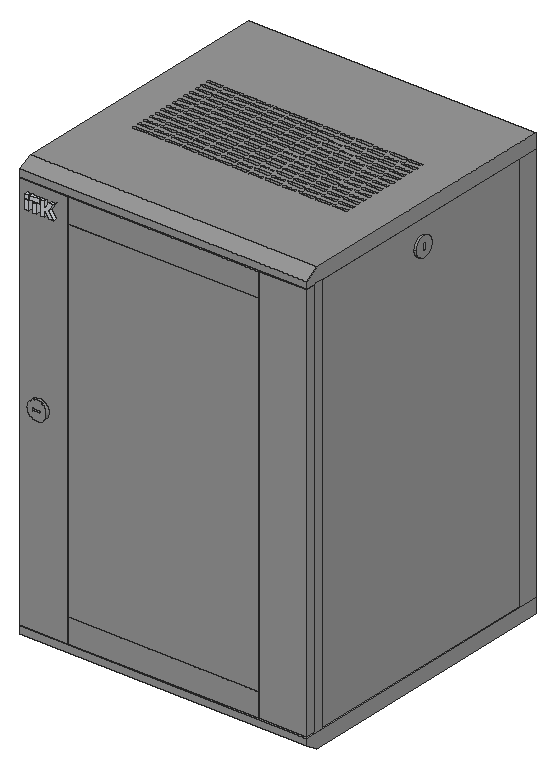
Revit family "Шкафы ITK серия W с перфорированной дверью", category Электрооборудование, Revit 2016 (continued)
Definition of nested family "Основание_2шт"
  Forms (mm)
    Extrusion 101, void
      sketch origin (204.408, -147.111, 0) x (1, 0, 0) y (0, 1, 0)
        loop
          line (-216.941, 136.256) -> (-191.874, 136.256)
          arc (-191.874, 136.256) -> (-188.461, 139.668) -> (-191.874, 143.081) r 3.413
      from 250 to 1000
    Extrusion 102, void
      sketch origin (204.408, -162.111, 0) x (1, 0, 0) y (0, 1, 0)
        loop
          line (-191.874, 143.081) -> (-216.941, 143.081)
          arc (-216.941, 143.081) -> (-220.354, 139.668) -> (-216.941, 136.256) r 3.413
          line (-216.941, 136.256) -> (-191.874, 136.256)
          arc (-191.874, 136.256) -> (-188.461, 139.668) -> (-191.874, 143.081) r 3.413
      from 250 to 1000
    Extrusion 103, void
      sketch origin (204.408, -177.111, 0) x (1, 0, 0) y (0, 1, 0)
        loop
          line (-191.874, 143.081) -> (-216.941, 143.081)
          arc (-216.941, 143.081) -> (-220.354, 139.668) -> (-216.941, 136.256) r 3.413
          line (-216.941, 136.256) -> (-191.874, 136.256)
          arc (-191.874, 136.256) -> (-188.461, 139.668) -> (-191.874, 143.081) r 3.413
      from 250 to 1000
    Extrusion 104, void
      sketch origin (204.408, -192.111, 0) x (1, 0, 0) y (0, 1, 0)
        loop
          line (-191.874, 143.081) -> (-216.941, 143.081)
          arc (-216.941, 143.081) -> (-220.354, 139.668) -> (-216.941, 136.256) r 3.413
          line (-216.941, 136.256) -> (-191.874, 136.256)
          arc (-191.874, 136.256) -> (-188.461, 139.668) -> (-191.874, 143.081) r 3.413
      from 250 to 1000
    Extrusion 105, void
      sketch origin (204.408, -207.111, 0) x (1, 0, 0) y (0, 1, 0)
        loop
          line (-191.874, 143.081) -> (-216.941, 143.081)
          arc (-216.941, 143.081) -> (-220.354, 139.668) -> (-216.941, 136.256) r 3.413
          line (-216.941, 136.256) -> (-191.874, 136.256)
          arc (-191.874, 136.256) -> (-188.461, 139.668) -> (-191.874, 143.081) r 3.413
      from 250 to 1000
    Extrusion 106, void
      sketch origin (204.408, -222.111, 0) x (1, 0, 0) y (0, 1, 0)
        loop
          line (-191.874, 143.081) -> (-216.941, 143.081)
          arc (-216.941, 143.081) -> (-220.354, 139.668) -> (-216.941, 136.256) r 3.413
          line (-216.941, 136.256) -> (-191.874, 136.256)
          arc (-191.874, 136.256) -> (-188.461, 139.668) -> (-191.874, 143.081) r 3.413
      from 250 to 1000
    Extrusion 107, void
      sketch origin (204.408, -237.111, 0) x (1, 0, 0) y (0, 1, 0)
        loop
          line (-191.874, 143.081) -> (-216.941, 143.081)
          arc (-216.941, 143.081) -> (-220.354, 139.668) -> (-216.941, 136.256) r 3.413
          line (-216.941, 136.256) -> (-191.874, 136.256)
          arc (-191.874, 136.256) -> (-188.461, 139.668) -> (-191.874, 143.081) r 3.413
      from 250 to 1000
    Extrusion 108, void
      sketch origin (239.408, -57.111, 0) x (1, 0, 0) y (0, 1, 0)
        loop
          line (-191.874, 143.081) -> (-216.941, 143.081)
          arc (-216.941, 143.081) -> (-220.354, 139.668) -> (-216.941, 136.256) r 3.413
          line (-216.941, 136.256) -> (-191.874, 136.256)
          arc (-191.874, 136.256) -> (-188.461, 139.668) -> (-191.874, 143.081) r 3.413
      from 250 to 1000
    Extrusion 109, void
      sketch origin (239.408, -72.111, 0) x (1, 0, 0) y (0, 1, 0)
        loop
          line (-191.874, 143.081) -> (-216.941, 143.081)
          arc (-216.941, 143.081) -> (-220.354, 139.668) -> (-216.941, 136.256) r 3.413
          line (-216.941, 136.256) -> (-191.874, 136.256)
          arc (-191.874, 136.256) -> (-188.461, 139.668) -> (-191.874, 143.081) r 3.413
      from 250 to 1000
    Extrusion 110, void
      sketch origin (239.408, -87.111, 0) x (1, 0, 0) y (0, 1, 0)
        loop
          line (-191.874, 143.081) -> (-216.941, 143.081)
          arc (-216.941, 143.081) -> (-220.354, 139.668) -> (-216.941, 136.256) r 3.413
          line (-216.941, 136.256) -> (-191.874, 136.256)
          arc (-191.874, 136.256) -> (-188.461, 139.668) -> (-191.874, 143.081) r 3.413
      from 250 to 1000
    Extrusion 111, void
      sketch origin (239.408, -102.111, 0) x (1, 0, 0) y (0, 1, 0)
        loop
          line (-191.874, 143.081) -> (-216.941, 143.081)
          arc (-216.941, 143.081) -> (-220.354, 139.668) -> (-216.941, 136.256) r 3.413
          line (-216.941, 136.256) -> (-191.874, 136.256)
          arc (-191.874, 136.256) -> (-188.461, 139.668) -> (-191.874, 143.081) r 3.413
      from 250 to 1000
    Extrusion 112, void
      sketch origin (239.408, -117.111, 0) x (1, 0, 0) y (0, 1, 0)
        loop
          line (-191.874, 143.081) -> (-216.941, 143.081)
          arc (-216.941, 143.081) -> (-220.354, 139.668) -> (-216.941, 136.256) r 3.413
          line (-216.941, 136.256) -> (-191.874, 136.256)
          arc (-191.874, 136.256) -> (-188.461, 139.668) -> (-191.874, 143.081) r 3.413
      from 250 to 1000
    Extrusion 113, void
      sketch origin (239.408, -132.111, 0) x (1, 0, 0) y (0, 1, 0)
        loop
          line (-191.874, 143.081) -> (-216.941, 143.081)
          arc (-216.941, 143.081) -> (-220.354, 139.668) -> (-216.941, 136.256) r 3.413
          line (-216.941, 136.256) -> (-191.874, 136.256)
          arc (-191.874, 136.256) -> (-188.461, 139.668) -> (-191.874, 143.081) r 3.413
      from 250 to 1000
    Extrusion 114, void
      sketch origin (239.408, -147.111, 0) x (1, 0, 0) y (0, 1, 0)
        loop
          line (-191.874, 143.081) -> (-216.941, 143.081)
          arc (-216.941, 143.081) -> (-220.354, 139.668) -> (-216.941, 136.256) r 3.413
          line (-216.941, 136.256) -> (-191.874, 136.256)
          arc (-191.874, 136.256) -> (-188.461, 139.668) -> (-191.874, 143.081) r 3.413
      from 250 to 1000
    Extrusion 115, void
      sketch origin (239.408, -162.111, 0) x (1, 0, 0) y (0, 1, 0)
        loop
          line (-191.874, 143.081) -> (-216.941, 143.081)
          arc (-216.941, 143.081) -> (-220.354, 139.668) -> (-216.941, 136.256) r 3.413
          line (-216.941, 136.256) -> (-191.874, 136.256)
          arc (-191.874, 136.256) -> (-188.461, 139.668) -> (-191.874, 143.081) r 3.413
      from 250 to 1000
    Extrusion 116, void
      sketch origin (239.408, -177.111, 0) x (1, 0, 0) y (0, 1, 0)
        loop
          line (-191.874, 143.081) -> (-216.941, 143.081)
          arc (-216.941, 143.081) -> (-220.354, 139.668) -> (-216.941, 136.256) r 3.413
          line (-216.941, 136.256) -> (-191.874, 136.256)
          arc (-191.874, 136.256) -> (-188.461, 139.668) -> (-191.874, 143.081) r 3.413
      from 250 to 1000
    Extrusion 117, void
      sketch origin (239.408, -192.111, 0) x (1, 0, 0) y (0, 1, 0)
        loop
          line (-191.874, 143.081) -> (-216.941, 143.081)
          arc (-216.941, 143.081) -> (-220.354, 139.668) -> (-216.941, 136.256) r 3.413
          line (-216.941, 136.256) -> (-191.874, 136.256)
          arc (-191.874, 136.256) -> (-188.461, 139.668) -> (-191.874, 143.081) r 3.413
      from 250 to 1000
    Extrusion 118, void
      sketch origin (239.408, -207.111, 0) x (1, 0, 0) y (0, 1, 0)
        loop
          line (-191.874, 143.081) -> (-216.941, 143.081)
          arc (-216.941, 143.081) -> (-220.354, 139.668) -> (-216.941, 136.256) r 3.413
          line (-216.941, 136.256) -> (-191.874, 136.256)
          arc (-191.874, 136.256) -> (-188.461, 139.668) -> (-191.874, 143.081) r 3.413
      from 250 to 1000
    Extrusion 119, void
      sketch origin (239.408, -222.111, 0) x (1, 0, 0) y (0, 1, 0)
        loop
          line (-191.874, 143.081) -> (-216.941, 143.081)
          arc (-216.941, 143.081) -> (-220.354, 139.668) -> (-216.941, 136.256) r 3.413
          line (-216.941, 136.256) -> (-191.874, 136.256)
          arc (-191.874, 136.256) -> (-188.461, 139.668) -> (-191.874, 143.081) r 3.413
      from 250 to 1000
    Extrusion 120, void
      sketch origin (239.408, -237.111, 0) x (1, 0, 0) y (0, 1, 0)
        loop
          line (-191.874, 143.081) -> (-216.941, 143.081)
          arc (-216.941, 143.081) -> (-220.354, 139.668) -> (-216.941, 136.256) r 3.413
          line (-216.941, 136.256) -> (-191.874, 136.256)
          arc (-191.874, 136.256) -> (-188.461, 139.668) -> (-191.874, 143.081) r 3.413
      from 250 to 1000
    Extrusion 121, void
      sketch origin (274.408, -57.111, 0) x (1, 0, 0) y (0, 1, 0)
        loop
          line (-191.874, 143.081) -> (-216.941, 143.081)
          arc (-216.941, 143.081) -> (-220.354, 139.668) -> (-216.941, 136.256) r 3.413
          line (-216.941, 136.256) -> (-191.874, 136.256)
          arc (-191.874, 136.256) -> (-188.461, 139.668) -> (-191.874, 143.081) r 3.413
      from 250 to 1000
    Extrusion 122, void
      sketch origin (274.408, -72.111, 0) x (1, 0, 0) y (0, 1, 0)
        loop
          line (-191.874, 143.081) -> (-216.941, 143.081)
          arc (-216.941, 143.081) -> (-220.354, 139.668) -> (-216.941, 136.256) r 3.413
          line (-216.941, 136.256) -> (-191.874, 136.256)
          arc (-191.874, 136.256) -> (-188.461, 139.668) -> (-191.874, 143.081) r 3.413
      from 250 to 1000
    Extrusion 123, void
      sketch origin (274.408, -87.111, 0) x (1, 0, 0) y (0, 1, 0)
        loop
          line (-191.874, 143.081) -> (-216.941, 143.081)
          arc (-216.941, 143.081) -> (-220.354, 139.668) -> (-216.941, 136.256) r 3.413
          line (-216.941, 136.256) -> (-191.874, 136.256)
          arc (-191.874, 136.256) -> (-188.461, 139.668) -> (-191.874, 143.081) r 3.413
      from 250 to 1000
    Extrusion 124, void
      sketch origin (274.408, -102.111, 0) x (1, 0, 0) y (0, 1, 0)
        loop
          line (-191.874, 143.081) -> (-216.941, 143.081)
          arc (-216.941, 143.081) -> (-220.354, 139.668) -> (-216.941, 136.256) r 3.413
          line (-216.941, 136.256) -> (-191.874, 136.256)
          arc (-191.874, 136.256) -> (-188.461, 139.668) -> (-191.874, 143.081) r 3.413
      from 250 to 1000
    Extrusion 125, void
      sketch origin (274.408, -117.111, 0) x (1, 0, 0) y (0, 1, 0)
        loop
          line (-191.874, 143.081) -> (-216.941, 143.081)
          arc (-216.941, 143.081) -> (-220.354, 139.668) -> (-216.941, 136.256) r 3.413
          line (-216.941, 136.256) -> (-191.874, 136.256)
          arc (-191.874, 136.256) -> (-188.461, 139.668) -> (-191.874, 143.081) r 3.413
      from 250 to 1000
    Extrusion 126, void
      sketch origin (274.408, -132.111, 0) x (1, 0, 0) y (0, 1, 0)
        loop
          line (-191.874, 143.081) -> (-216.941, 143.081)
          arc (-216.941, 143.081) -> (-220.354, 139.668) -> (-216.941, 136.256) r 3.413
          line (-216.941, 136.256) -> (-191.874, 136.256)
          arc (-191.874, 136.256) -> (-188.461, 139.668) -> (-191.874, 143.081) r 3.413
      from 250 to 1000
    Extrusion 127, void
      sketch origin (274.408, -147.111, 0) x (1, 0, 0) y (0, 1, 0)
        loop
          line (-191.874, 143.081) -> (-216.941, 143.081)
          arc (-216.941, 143.081) -> (-220.354, 139.668) -> (-216.941, 136.256) r 3.413
          line (-216.941, 136.256) -> (-191.874, 136.256)
          arc (-191.874, 136.256) -> (-188.461, 139.668) -> (-191.874, 143.081) r 3.413
      from 250 to 1000
    Extrusion 128, void
      sketch origin (274.408, -162.111, 0) x (1, 0, 0) y (0, 1, 0)
        loop
          line (-191.874, 143.081) -> (-216.941, 143.081)
          arc (-216.941, 143.081) -> (-220.354, 139.668) -> (-216.941, 136.256) r 3.413
          line (-216.941, 136.256) -> (-191.874, 136.256)
          arc (-191.874, 136.256) -> (-188.461, 139.668) -> (-191.874, 143.081) r 3.413
      from 250 to 1000
    Extrusion 129, void
      sketch origin (274.408, -177.111, 0) x (1, 0, 0) y (0, 1, 0)
        loop
          line (-191.874, 143.081) -> (-216.941, 143.081)
          arc (-216.941, 143.081) -> (-220.354, 139.668) -> (-216.941, 136.256) r 3.413
          line (-216.941, 136.256) -> (-191.874, 136.256)
          arc (-191.874, 136.256) -> (-188.461, 139.668) -> (-191.874, 143.081) r 3.413
      from 250 to 1000
    Extrusion 130, void
      sketch origin (274.408, -192.111, 0) x (1, 0, 0) y (0, 1, 0)
        loop
          line (-191.874, 143.081) -> (-216.941, 143.081)
          arc (-216.941, 143.081) -> (-220.354, 139.668) -> (-216.941, 136.256) r 3.413
          line (-216.941, 136.256) -> (-191.874, 136.256)
          arc (-191.874, 136.256) -> (-188.461, 139.668) -> (-191.874, 143.081) r 3.413
      from 250 to 1000
    Extrusion 131, void
      sketch origin (274.408, -207.111, 0) x (1, 0, 0) y (0, 1, 0)
        loop
          line (-191.874, 143.081) -> (-216.941, 143.081)
          arc (-216.941, 143.081) -> (-220.354, 139.668) -> (-216.941, 136.256) r 3.413
          line (-216.941, 136.256) -> (-191.874, 136.256)
          arc (-191.874, 136.256) -> (-188.461, 139.668) -> (-191.874, 143.081) r 3.413
      from 250 to 1000
    Extrusion 132, void
      sketch origin (274.408, -222.111, 0) x (1, 0, 0) y (0, 1, 0)
        loop
          line (-191.874, 143.081) -> (-216.941, 143.081)
          arc (-216.941, 143.081) -> (-220.354, 139.668) -> (-216.941, 136.256) r 3.413
          line (-216.941, 136.256) -> (-191.874, 136.256)
          arc (-191.874, 136.256) -> (-188.461, 139.668) -> (-191.874, 143.081) r 3.413
      from 250 to 1000
    Extrusion 133, void
      sketch origin (274.408, -237.111, 0) x (1, 0, 0) y (0, 1, 0)
        loop
          line (-191.874, 143.081) -> (-216.941, 143.081)
          arc (-216.941, 143.081) -> (-220.354, 139.668) -> (-216.941, 136.256) r 3.413
          line (-216.941, 136.256) -> (-191.874, 136.256)
          arc (-191.874, 136.256) -> (-188.461, 139.668) -> (-191.874, 143.081) r 3.413
      from 250 to 1000
    Extrusion 134, void
      sketch origin (309.408, -57.111, 0) x (1, 0, 0) y (0, 1, 0)
        loop
          line (-191.874, 143.081) -> (-216.941, 143.081)
          arc (-216.941, 143.081) -> (-220.354, 139.668) -> (-216.941, 136.256) r 3.413
          line (-216.941, 136.256) -> (-191.874, 136.256)
          arc (-191.874, 136.256) -> (-188.461, 139.668) -> (-191.874, 143.081) r 3.413
      from 250 to 1000
    Extrusion 135, void
      sketch origin (309.408, -72.111, 0) x (1, 0, 0) y (0, 1, 0)
        loop
          line (-191.874, 143.081) -> (-216.941, 143.081)
          arc (-216.941, 143.081) -> (-220.354, 139.668) -> (-216.941, 136.256) r 3.413
          line (-216.941, 136.256) -> (-191.874, 136.256)
          arc (-191.874, 136.256) -> (-188.461, 139.668) -> (-191.874, 143.081) r 3.413
      from 250 to 1000
    Extrusion 136, void
      sketch origin (309.408, -87.111, 0) x (1, 0, 0) y (0, 1, 0)
        loop
          line (-191.874, 143.081) -> (-216.941, 143.081)
          arc (-216.941, 143.081) -> (-220.354, 139.668) -> (-216.941, 136.256) r 3.413
          line (-216.941, 136.256) -> (-191.874, 136.256)
          arc (-191.874, 136.256) -> (-188.461, 139.668) -> (-191.874, 143.081) r 3.413
      from 250 to 1000
    Extrusion 137, void
      sketch origin (309.408, -102.111, 0) x (1, 0, 0) y (0, 1, 0)
        loop
          line (-191.874, 143.081) -> (-216.941, 143.081)
          arc (-216.941, 143.081) -> (-220.354, 139.668) -> (-216.941, 136.256) r 3.413
          line (-216.941, 136.256) -> (-191.874, 136.256)
          arc (-191.874, 136.256) -> (-188.461, 139.668) -> (-191.874, 143.081) r 3.413
      from 250 to 1000
    Extrusion 138, void
      sketch origin (309.408, -117.111, 0) x (1, 0, 0) y (0, 1, 0)
        loop
          line (-191.874, 143.081) -> (-216.941, 143.081)
          arc (-216.941, 143.081) -> (-220.354, 139.668) -> (-216.941, 136.256) r 3.413
          line (-216.941, 136.256) -> (-191.874, 136.256)
          arc (-191.874, 136.256) -> (-188.461, 139.668) -> (-191.874, 143.081) r 3.413
      from 250 to 1000
    Extrusion 139, void
      sketch origin (309.408, -132.111, 0) x (1, 0, 0) y (0, 1, 0)
        loop
          line (-191.874, 143.081) -> (-216.941, 143.081)
          arc (-216.941, 143.081) -> (-220.354, 139.668) -> (-216.941, 136.256) r 3.413
          line (-216.941, 136.256) -> (-191.874, 136.256)
          arc (-191.874, 136.256) -> (-188.461, 139.668) -> (-191.874, 143.081) r 3.413
      from 250 to 1000
    Extrusion 140, void
      sketch origin (309.408, -147.111, 0) x (1, 0, 0) y (0, 1, 0)
        loop
          line (-191.874, 143.081) -> (-216.941, 143.081)
          arc (-216.941, 143.081) -> (-220.354, 139.668) -> (-216.941, 136.256) r 3.413
          line (-216.941, 136.256) -> (-191.874, 136.256)
          arc (-191.874, 136.256) -> (-188.461, 139.668) -> (-191.874, 143.081) r 3.413
      from 250 to 1000
    Extrusion 141, void
      sketch origin (309.408, -162.111, 0) x (1, 0, 0) y (0, 1, 0)
        loop
          line (-191.874, 143.081) -> (-216.941, 143.081)
          arc (-216.941, 143.081) -> (-220.354, 139.668) -> (-216.941, 136.256) r 3.413
          line (-216.941, 136.256) -> (-191.874, 136.256)
          arc (-191.874, 136.256) -> (-188.461, 139.668) -> (-191.874, 143.081) r 3.413
      from 250 to 1000
    Extrusion 142, void
      sketch origin (309.408, -177.111, 0) x (1, 0, 0) y (0, 1, 0)
        loop
          line (-191.874, 143.081) -> (-216.941, 143.081)
          arc (-216.941, 143.081) -> (-220.354, 139.668) -> (-216.941, 136.256) r 3.413
          line (-216.941, 136.256) -> (-191.874, 136.256)
          arc (-191.874, 136.256) -> (-188.461, 139.668) -> (-191.874, 143.081) r 3.413
      from 250 to 1000
    Extrusion 143, void
      sketch origin (309.408, -192.111, 0) x (1, 0, 0) y (0, 1, 0)
        loop
          line (-191.874, 143.081) -> (-216.941, 143.081)
          arc (-216.941, 143.081) -> (-220.354, 139.668) -> (-216.941, 136.256) r 3.413
          line (-216.941, 136.256) -> (-191.874, 136.256)
          arc (-191.874, 136.256) -> (-188.461, 139.668) -> (-191.874, 143.081) r 3.413
      from 250 to 1000
    Extrusion 144, void
      sketch origin (309.408, -207.111, 0) x (1, 0, 0) y (0, 1, 0)
        loop
          line (-191.874, 143.081) -> (-216.941, 143.081)
          arc (-216.941, 143.081) -> (-220.354, 139.668) -> (-216.941, 136.256) r 3.413
          line (-216.941, 136.256) -> (-191.874, 136.256)
          arc (-191.874, 136.256) -> (-188.461, 139.668) -> (-191.874, 143.081) r 3.413
      from 250 to 1000
    Extrusion 145, void
      sketch origin (309.408, -222.111, 0) x (1, 0, 0) y (0, 1, 0)
        loop
          line (-191.874, 143.081) -> (-216.941, 143.081)
          arc (-216.941, 143.081) -> (-220.354, 139.668) -> (-216.941, 136.256) r 3.413
          line (-216.941, 136.256) -> (-191.874, 136.256)
          arc (-191.874, 136.256) -> (-188.461, 139.668) -> (-191.874, 143.081) r 3.413
      from 250 to 1000
    Extrusion 146, void
      sketch origin (309.408, -237.111, 0) x (1, 0, 0) y (0, 1, 0)
        loop
          line (-191.874, 143.081) -> (-216.941, 143.081)
          arc (-216.941, 143.081) -> (-220.354, 139.668) -> (-216.941, 136.256) r 3.413
          line (-216.941, 136.256) -> (-191.874, 136.256)
          arc (-191.874, 136.256) -> (-188.461, 139.668) -> (-191.874, 143.081) r 3.413
      from 250 to 1000
    Extrusion 147, void
      sketch origin (344.408, -57.111, 0) x (1, 0, 0) y (0, 1, 0)
        loop
          line (-191.874, 143.081) -> (-216.941, 143.081)
          arc (-216.941, 143.081) -> (-220.354, 139.668) -> (-216.941, 136.256) r 3.413
          line (-216.941, 136.256) -> (-191.874, 136.256)
          arc (-191.874, 136.256) -> (-188.461, 139.668) -> (-191.874, 143.081) r 3.413
      from 250 to 1000
    Extrusion 148, void
      sketch origin (344.408, -72.111, 0) x (1, 0, 0) y (0, 1, 0)
        loop
          line (-191.874, 143.081) -> (-216.941, 143.081)
          arc (-216.941, 143.081) -> (-220.354, 139.668) -> (-216.941, 136.256) r 3.413
          line (-216.941, 136.256) -> (-191.874, 136.256)
          arc (-191.874, 136.256) -> (-188.461, 139.668) -> (-191.874, 143.081) r 3.413
      from 250 to 1000
    Extrusion 149, void
      sketch origin (344.408, -87.111, 0) x (1, 0, 0) y (0, 1, 0)
        loop
          line (-191.874, 143.081) -> (-216.941, 143.081)
          arc (-216.941, 143.081) -> (-220.354, 139.668) -> (-216.941, 136.256) r 3.413
          line (-216.941, 136.256) -> (-191.874, 136.256)
          arc (-191.874, 136.256) -> (-188.461, 139.668) -> (-191.874, 143.081) r 3.413
      from 250 to 1000
    Extrusion 150, void
      sketch origin (344.408, -102.111, 0) x (1, 0, 0) y (0, 1, 0)
        loop
          line (-191.874, 143.081) -> (-216.941, 143.081)
          arc (-216.941, 143.081) -> (-220.354, 139.668) -> (-216.941, 136.256) r 3.413
          line (-216.941, 136.256) -> (-191.874, 136.256)
          arc (-191.874, 136.256) -> (-188.461, 139.668) -> (-191.874, 143.081) r 3.413
      from 250 to 1000
    Extrusion 151, void
      sketch origin (344.408, -117.111, 0) x (1, 0, 0) y (0, 1, 0)
        loop
          line (-191.874, 143.081) -> (-216.941, 143.081)
          arc (-216.941, 143.081) -> (-220.354, 139.668) -> (-216.941, 136.256) r 3.413
          line (-216.941, 136.256) -> (-191.874, 136.256)
          arc (-191.874, 136.256) -> (-188.461, 139.668) -> (-191.874, 143.081) r 3.413
      from 250 to 1000
    Extrusion 152, void
      sketch origin (344.408, -132.111, 0) x (1, 0, 0) y (0, 1, 0)
        loop
          line (-191.874, 143.081) -> (-216.941, 143.081)
          arc (-216.941, 143.081) -> (-220.354, 139.668) -> (-216.941, 136.256) r 3.413
          line (-216.941, 136.256) -> (-191.874, 136.256)
          arc (-191.874, 136.256) -> (-188.461, 139.668) -> (-191.874, 143.081) r 3.413
      from 250 to 1000
    Extrusion 153, void
      sketch origin (344.408, -147.111, 0) x (1, 0, 0) y (0, 1, 0)
        loop
          line (-191.874, 143.081) -> (-216.941, 143.081)
          arc (-216.941, 143.081) -> (-220.354, 139.668) -> (-216.941, 136.256) r 3.413
          line (-216.941, 136.256) -> (-191.874, 136.256)
          arc (-191.874, 136.256) -> (-188.461, 139.668) -> (-191.874, 143.081) r 3.413
      from 250 to 1000
    Extrusion 154, void
      sketch origin (344.408, -162.111, 0) x (1, 0, 0) y (0, 1, 0)
        loop
          line (-191.874, 143.081) -> (-216.941, 143.081)
          arc (-216.941, 143.081) -> (-220.354, 139.668) -> (-216.941, 136.256) r 3.413
          line (-216.941, 136.256) -> (-191.874, 136.256)
          arc (-191.874, 136.256) -> (-188.461, 139.668) -> (-191.874, 143.081) r 3.413
      from 250 to 1000
    Extrusion 155, void
      sketch origin (344.408, -177.111, 0) x (1, 0, 0) y (0, 1, 0)
        loop
          line (-191.874, 143.081) -> (-216.941, 143.081)
          arc (-216.941, 143.081) -> (-220.354, 139.668) -> (-216.941, 136.256) r 3.413
          line (-216.941, 136.256) -> (-191.874, 136.256)
          arc (-191.874, 136.256) -> (-188.461, 139.668) -> (-191.874, 143.081) r 3.413
      from 250 to 1000
    Extrusion 156, void
      sketch origin (344.408, -192.111, 0) x (1, 0, 0) y (0, 1, 0)
        loop
          line (-191.874, 143.081) -> (-216.941, 143.081)
          arc (-216.941, 143.081) -> (-220.354, 139.668) -> (-216.941, 136.256) r 3.413
          line (-216.941, 136.256) -> (-191.874, 136.256)
          arc (-191.874, 136.256) -> (-188.461, 139.668) -> (-191.874, 143.081) r 3.413
      from 250 to 1000
    Extrusion 157, void
      sketch origin (344.408, -207.111, 0) x (1, 0, 0) y (0, 1, 0)
        loop
          line (-191.874, 143.081) -> (-216.941, 143.081)
          arc (-216.941, 143.081) -> (-220.354, 139.668) -> (-216.941, 136.256) r 3.413
          line (-216.941, 136.256) -> (-191.874, 136.256)
          arc (-191.874, 136.256) -> (-188.461, 139.668) -> (-191.874, 143.081) r 3.413
      from 250 to 1000
    Extrusion 158, void
      sketch origin (344.408, -222.111, 0) x (1, 0, 0) y (0, 1, 0)
        loop
          line (-191.874, 143.081) -> (-216.941, 143.081)
          arc (-216.941, 143.081) -> (-220.354, 139.668) -> (-216.941, 136.256) r 3.413
          line (-216.941, 136.256) -> (-191.874, 136.256)
          arc (-191.874, 136.256) -> (-188.461, 139.668) -> (-191.874, 143.081) r 3.413
      from 250 to 1000
    Extrusion 159, void
      sketch origin (344.408, -237.111, 0) x (1, 0, 0) y (0, 1, 0)
        loop
          line (-191.874, 143.081) -> (-216.941, 143.081)
          arc (-216.941, 143.081) -> (-220.354, 139.668) -> (-216.941, 136.256) r 3.413
          line (-216.941, 136.256) -> (-191.874, 136.256)
          arc (-191.874, 136.256) -> (-188.461, 139.668) -> (-191.874, 143.081) r 3.413
      from 250 to 1000
    Extrusion 160, void
      sketch origin (379.408, -57.111, 0) x (1, 0, 0) y (0, 1, 0)
        loop
          line (-191.874, 143.081) -> (-216.941, 143.081)
          arc (-216.941, 143.081) -> (-220.354, 139.668) -> (-216.941, 136.256) r 3.413
          line (-216.941, 136.256) -> (-191.874, 136.256)
          arc (-191.874, 136.256) -> (-188.461, 139.668) -> (-191.874, 143.081) r 3.413
      from 250 to 1000
    Extrusion 161, void
      sketch origin (379.408, -72.111, 0) x (1, 0, 0) y (0, 1, 0)
        loop
          line (-191.874, 143.081) -> (-216.941, 143.081)
          arc (-216.941, 143.081) -> (-220.354, 139.668) -> (-216.941, 136.256) r 3.413
          line (-216.941, 136.256) -> (-191.874, 136.256)
          arc (-191.874, 136.256) -> (-188.461, 139.668) -> (-191.874, 143.081) r 3.413
      from 250 to 1000
    Extrusion 162, void
      sketch origin (379.408, -87.111, 0) x (1, 0, 0) y (0, 1, 0)
        loop
          line (-191.874, 143.081) -> (-216.941, 143.081)
          arc (-216.941, 143.081) -> (-220.354, 139.668) -> (-216.941, 136.256) r 3.413
          line (-216.941, 136.256) -> (-191.874, 136.256)
          arc (-191.874, 136.256) -> (-188.461, 139.668) -> (-191.874, 143.081) r 3.413
      from 250 to 1000
    Extrusion 163, void
      sketch origin (379.408, -102.111, 0) x (1, 0, 0) y (0, 1, 0)
        loop
          line (-191.874, 143.081) -> (-216.941, 143.081)
          arc (-216.941, 143.081) -> (-220.354, 139.668) -> (-216.941, 136.256) r 3.413
          line (-216.941, 136.256) -> (-191.874, 136.256)
          arc (-191.874, 136.256) -> (-188.461, 139.668) -> (-191.874, 143.081) r 3.413
      from 250 to 1000
    Extrusion 164, void
      sketch origin (379.408, -117.111, 0) x (1, 0, 0) y (0, 1, 0)
        loop
          line (-191.874, 143.081) -> (-216.941, 143.081)
          arc (-216.941, 143.081) -> (-220.354, 139.668) -> (-216.941, 136.256) r 3.413
          line (-216.941, 136.256) -> (-191.874, 136.256)
          arc (-191.874, 136.256) -> (-188.461, 139.668) -> (-191.874, 143.081) r 3.413
      from 250 to 1000
    Extrusion 165, void
      sketch origin (379.408, -132.111, 0) x (1, 0, 0) y (0, 1, 0)
        loop
          line (-191.874, 143.081) -> (-216.941, 143.081)
          arc (-216.941, 143.081) -> (-220.354, 139.668) -> (-216.941, 136.256) r 3.413
          line (-216.941, 136.256) -> (-191.874, 136.256)
          arc (-191.874, 136.256) -> (-188.461, 139.668) -> (-191.874, 143.081) r 3.413
      from 250 to 1000
    Extrusion 166, void
      sketch origin (379.408, -147.111, 0) x (1, 0, 0) y (0, 1, 0)
        loop
          line (-191.874, 143.081) -> (-216.941, 143.081)
          arc (-216.941, 143.081) -> (-220.354, 139.668) -> (-216.941, 136.256) r 3.413
          line (-216.941, 136.256) -> (-191.874, 136.256)
          arc (-191.874, 136.256) -> (-188.461, 139.668) -> (-191.874, 143.081) r 3.413
      from 250 to 1000
    Extrusion 167, void
      sketch origin (379.408, -162.111, 0) x (1, 0, 0) y (0, 1, 0)
        loop
          line (-191.874, 143.081) -> (-216.941, 143.081)
          arc (-216.941, 143.081) -> (-220.354, 139.668) -> (-216.941, 136.256) r 3.413
          line (-216.941, 136.256) -> (-191.874, 136.256)
          arc (-191.874, 136.256) -> (-188.461, 139.668) -> (-191.874, 143.081) r 3.413
      from 250 to 1000
    Extrusion 168, void
      sketch origin (379.408, -177.111, 0) x (1, 0, 0) y (0, 1, 0)
        loop
          line (-191.874, 143.081) -> (-216.941, 143.081)
          arc (-216.941, 143.081) -> (-220.354, 139.668) -> (-216.941, 136.256) r 3.413
          line (-216.941, 136.256) -> (-191.874, 136.256)
          arc (-191.874, 136.256) -> (-188.461, 139.668) -> (-191.874, 143.081) r 3.413
      from 250 to 1000
    Extrusion 169, void
      sketch origin (379.408, -192.111, 0) x (1, 0, 0) y (0, 1, 0)
        loop
          line (-191.874, 143.081) -> (-216.941, 143.081)
          arc (-216.941, 143.081) -> (-220.354, 139.668) -> (-216.941, 136.256) r 3.413
          line (-216.941, 136.256) -> (-191.874, 136.256)
          arc (-191.874, 136.256) -> (-188.461, 139.668) -> (-191.874, 143.081) r 3.413
      from 250 to 1000
    Extrusion 170, void
      sketch origin (379.408, -207.111, 0) x (1, 0, 0) y (0, 1, 0)
        loop
          line (-191.874, 143.081) -> (-216.941, 143.081)
          arc (-216.941, 143.081) -> (-220.354, 139.668) -> (-216.941, 136.256) r 3.413
          line (-216.941, 136.256) -> (-191.874, 136.256)
          arc (-191.874, 136.256) -> (-188.461, 139.668) -> (-191.874, 143.081) r 3.413
      from 250 to 1000
    Extrusion 171, void
      sketch origin (379.408, -222.111, 0) x (1, 0, 0) y (0, 1, 0)
        loop
          line (-191.874, 143.081) -> (-216.941, 143.081)
          arc (-216.941, 143.081) -> (-220.354, 139.668) -> (-216.941, 136.256) r 3.413
          line (-216.941, 136.256) -> (-191.874, 136.256)
          arc (-191.874, 136.256) -> (-188.461, 139.668) -> (-191.874, 143.081) r 3.413
      from 250 to 1000
    Extrusion 172, void
      sketch origin (379.408, -237.111, 0) x (1, 0, 0) y (0, 1, 0)
        loop
          line (-191.874, 143.081) -> (-216.941, 143.081)
          arc (-216.941, 143.081) -> (-220.354, 139.668) -> (-216.941, 136.256) r 3.413
          line (-216.941, 136.256) -> (-191.874, 136.256)
          arc (-191.874, 136.256) -> (-188.461, 139.668) -> (-191.874, 143.081) r 3.413
      from 250 to 1000
    Extrusion 173, void
      sketch origin (414.408, -57.111, 0) x (1, 0, 0) y (0, 1, 0)
        loop
          line (-191.874, 143.081) -> (-216.941, 143.081)
          arc (-216.941, 143.081) -> (-220.354, 139.668) -> (-216.941, 136.256) r 3.413
          line (-216.941, 136.256) -> (-191.874, 136.256)
          arc (-191.874, 136.256) -> (-188.461, 139.668) -> (-191.874, 143.081) r 3.413
      from 250 to 1000
    Extrusion 174, void
      sketch origin (414.408, -72.111, 0) x (1, 0, 0) y (0, 1, 0)
        loop
          line (-191.874, 143.081) -> (-216.941, 143.081)
          arc (-216.941, 143.081) -> (-220.354, 139.668) -> (-216.941, 136.256) r 3.413
          line (-216.941, 136.256) -> (-191.874, 136.256)
          arc (-191.874, 136.256) -> (-188.461, 139.668) -> (-191.874, 143.081) r 3.413
      from 250 to 1000
    Extrusion 175, void
      sketch origin (414.408, -87.111, 0) x (1, 0, 0) y (0, 1, 0)
        loop
          line (-191.874, 143.081) -> (-216.941, 143.081)
          arc (-216.941, 143.081) -> (-220.354, 139.668) -> (-216.941, 136.256) r 3.413
          line (-216.941, 136.256) -> (-191.874, 136.256)
          arc (-191.874, 136.256) -> (-188.461, 139.668) -> (-191.874, 143.081) r 3.413
      from 250 to 1000
    Extrusion 176, void
      sketch origin (414.408, -102.111, 0) x (1, 0, 0) y (0, 1, 0)
        loop
          line (-191.874, 143.081) -> (-216.941, 143.081)
          arc (-216.941, 143.081) -> (-220.354, 139.668) -> (-216.941, 136.256) r 3.413
          line (-216.941, 136.256) -> (-191.874, 136.256)
          arc (-191.874, 136.256) -> (-188.461, 139.668) -> (-191.874, 143.081) r 3.413
      from 250 to 1000
    Extrusion 177, void
      sketch origin (414.408, -117.111, 0) x (1, 0, 0) y (0, 1, 0)
        loop
          line (-191.874, 143.081) -> (-216.941, 143.081)
          arc (-216.941, 143.081) -> (-220.354, 139.668) -> (-216.941, 136.256) r 3.413
          line (-216.941, 136.256) -> (-191.874, 136.256)
          arc (-191.874, 136.256) -> (-188.461, 139.668) -> (-191.874, 143.081) r 3.413
      from 250 to 1000
    Extrusion 178, void
      sketch origin (414.408, -132.111, 0) x (1, 0, 0) y (0, 1, 0)
        loop
          line (-191.874, 143.081) -> (-216.941, 143.081)
          arc (-216.941, 143.081) -> (-220.354, 139.668) -> (-216.941, 136.256) r 3.413
          line (-216.941, 136.256) -> (-191.874, 136.256)
          arc (-191.874, 136.256) -> (-188.461, 139.668) -> (-191.874, 143.081) r 3.413
      from 250 to 1000
    Extrusion 179, void
      sketch origin (414.408, -147.111, 0) x (1, 0, 0) y (0, 1, 0)
        loop
          line (-191.874, 143.081) -> (-216.941, 143.081)
          arc (-216.941, 143.081) -> (-220.354, 139.668) -> (-216.941, 136.256) r 3.413
          line (-216.941, 136.256) -> (-191.874, 136.256)
          arc (-191.874, 136.256) -> (-188.461, 139.668) -> (-191.874, 143.081) r 3.413
      from 250 to 1000
    Extrusion 180, void
      sketch origin (414.408, -162.111, 0) x (1, 0, 0) y (0, 1, 0)
        loop
          line (-191.874, 143.081) -> (-216.941, 143.081)
          arc (-216.941, 143.081) -> (-220.354, 139.668) -> (-216.941, 136.256) r 3.413
          line (-216.941, 136.256) -> (-191.874, 136.256)
          arc (-191.874, 136.256) -> (-188.461, 139.668) -> (-191.874, 143.081) r 3.413
      from 250 to 1000
    Extrusion 181, void
      sketch origin (414.408, -177.111, 0) x (1, 0, 0) y (0, 1, 0)
        loop
          line (-191.874, 143.081) -> (-216.941, 143.081)
          arc (-216.941, 143.081) -> (-220.354, 139.668) -> (-216.941, 136.256) r 3.413
          line (-216.941, 136.256) -> (-191.874, 136.256)
          arc (-191.874, 136.256) -> (-188.461, 139.668) -> (-191.874, 143.081) r 3.413
      from 250 to 1000
    Extrusion 182, void
      sketch origin (414.408, -192.111, 0) x (1, 0, 0) y (0, 1, 0)
        loop
          line (-191.874, 143.081) -> (-216.941, 143.081)
          arc (-216.941, 143.081) -> (-220.354, 139.668) -> (-216.941, 136.256) r 3.413
          line (-216.941, 136.256) -> (-191.874, 136.256)
          arc (-191.874, 136.256) -> (-188.461, 139.668) -> (-191.874, 143.081) r 3.413
      from 250 to 1000
    Extrusion 183, void
      sketch origin (414.408, -207.111, 0) x (1, 0, 0) y (0, 1, 0)
        loop
          line (-191.874, 143.081) -> (-216.941, 143.081)
          arc (-216.941, 143.081) -> (-220.354, 139.668) -> (-216.941, 136.256) r 3.413
          line (-216.941, 136.256) -> (-191.874, 136.256)
          arc (-191.874, 136.256) -> (-188.461, 139.668) -> (-191.874, 143.081) r 3.413
      from 250 to 1000
    Extrusion 184, void
      sketch origin (414.408, -222.111, 0) x (1, 0, 0) y (0, 1, 0)
        loop
          line (-191.874, 143.081) -> (-216.941, 143.081)
          arc (-216.941, 143.081) -> (-220.354, 139.668) -> (-216.941, 136.256) r 3.413
          line (-216.941, 136.256) -> (-191.874, 136.256)
          arc (-191.874, 136.256) -> (-188.461, 139.668) -> (-191.874, 143.081) r 3.413
      from 250 to 1000
    Extrusion 185, void
      sketch origin (414.408, -237.111, 0) x (1, 0, 0) y (0, 1, 0)
        loop
          line (-191.874, 143.081) -> (-216.941, 143.081)
          arc (-216.941, 143.081) -> (-220.354, 139.668) -> (-216.941, 136.256) r 3.413
          line (-216.941, 136.256) -> (-191.874, 136.256)
          arc (-191.874, 136.256) -> (-188.461, 139.668) -> (-191.874, 143.081) r 3.413
      from 250 to 1000
  Cuts and joins
    Extrusion 4 cuts Extrusion 2
    Extrusion 4, Extrusion 5, Extrusion 6, Extrusion 7, Extrusion 8, Extrusion 9, Extrusion 10, Extrusion 11, Extrusion 12, Extrusion 13, Extrusion 14, Extrusion 15, Extrusion 16, Extrusion 17, Extrusion 18, Extrusion 19, Extrusion 20, Extrusion 21, Extrusion 22, Extrusion 23, Extrusion 24, Extrusion 25, Extrusion 26, Extrusion 27, Extrusion 28, Extrusion 29, Extrusion 30, Extrusion 31, Extrusion 32, Extrusion 33, Extrusion 34, Extrusion 35, Extrusion 36, Extrusion 37, Extrusion 38, Extrusion 39, Extrusion 40, Extrusion 41, Extrusion 42, Extrusion 43, Extrusion 44, Extrusion 45, Extrusion 46, Extrusion 47, Extrusion 48, Extrusion 49, Extrusion 50, Extrusion 51, Extrusion 52, Extrusion 53, Extrusion 54, Extrusion 55, Extrusion 56, Extrusion 57, Extrusion 58, Extrusion 59, Extrusion 60, Extrusion 61, Extrusion 62, Extrusion 63, Extrusion 64, Extrusion 65, Extrusion 66, Extrusion 67, Extrusion 68, Extrusion 69, Extrusion 70, Extrusion 71, Extrusion 72, Extrusion 73, Extrusion 74, Extrusion 75, Extrusion 76, Extrusion 77, Extrusion 78, Extrusion 79, Extrusion 80, Extrusion 81, Extrusion 82, Extrusion 83, Extrusion 84, Extrusion 85, Extrusion 86, Extrusion 87, Extrusion 88, Extrusion 89, Extrusion 90, Extrusion 91, Extrusion 92, Extrusion 93, Extrusion 94, Extrusion 95, Extrusion 96, Extrusion 97, Extrusion 98, Extrusion 99, Extrusion 100, Extrusion 101, Extrusion 102, Extrusion 103, Extrusion 104, Extrusion 105, Extrusion 106, Extrusion 107, Extrusion 108, Extrusion 109, Extrusion 110, Extrusion 111, Extrusion 112, Extrusion 113, Extrusion 114, Extrusion 115, Extrusion 116, Extrusion 117, Extrusion 118, Extrusion 119, Extrusion 120, Extrusion 121, Extrusion 122, Extrusion 123, Extrusion 124, Extrusion 125, Extrusion 126, Extrusion 127, Extrusion 128, Extrusion 129, Extrusion 130, Extrusion 131, Extrusion 132, Extrusion 133, Extrusion 134, Extrusion 135, Extrusion 136, Extrusion 137, Extrusion 138, Extrusion 139, Extrusion 140, Extrusion 141, Extrusion 142, Extrusion 143, Extrusion 144, Extrusion 145, Extrusion 146, Extrusion 147, Extrusion 148, Extrusion 149, Extrusion 150, Extrusion 151, Extrusion 152, Extrusion 153, Extrusion 154, Extrusion 155, Extrusion 156, Extrusion 157, Extrusion 158, Extrusion 159, Extrusion 160, Extrusion 161, Extrusion 162, Extrusion 163, Extrusion 164, Extrusion 165, Extrusion 166, Extrusion 167, Extrusion 168, Extrusion 169, Extrusion 170, Extrusion 171, Extrusion 172, Extrusion 173, Extrusion 174, Extrusion 175, Extrusion 176, Extrusion 177, Extrusion 178, Extrusion 179, Extrusion 180, Extrusion 181, Extrusion 182, Extrusion 183, Extrusion 184, Extrusion 185 cuts Extrusion 3
    Extrusion 5, Extrusion 6, Extrusion 7, Extrusion 8, Extrusion 9, Extrusion 10, Extrusion 11, Extrusion 12, Extrusion 13, Extrusion 14, Extrusion 15, Extrusion 16, Extrusion 17, Extrusion 18, Extrusion 19, Extrusion 20, Extrusion 21, Extrusion 22, Extrusion 23, Extrusion 24, Extrusion 25, Extrusion 26, Extrusion 27, Extrusion 28, Extrusion 29, Extrusion 30, Extrusion 31, Extrusion 32, Extrusion 33, Extrusion 34, Extrusion 35, Extrusion 36, Extrusion 37, Extrusion 38, Extrusion 39, Extrusion 40, Extrusion 41, Extrusion 42, Extrusion 43, Extrusion 44, Extrusion 45, Extrusion 46, Extrusion 47, Extrusion 48, Extrusion 49, Extrusion 50, Extrusion 51, Extrusion 52, Extrusion 53, Extrusion 54, Extrusion 55, Extrusion 56, Extrusion 57, Extrusion 58, Extrusion 59, Extrusion 60, Extrusion 61, Extrusion 62, Extrusion 63, Extrusion 64, Extrusion 65, Extrusion 66, Extrusion 67, Extrusion 68, Extrusion 69, Extrusion 70, Extrusion 71, Extrusion 72, Extrusion 73, Extrusion 74, Extrusion 75, Extrusion 76, Extrusion 77, Extrusion 78, Extrusion 79, Extrusion 80, Extrusion 81, Extrusion 82, Extrusion 83, Extrusion 84, Extrusion 85, Extrusion 86, Extrusion 87, Extrusion 88, Extrusion 89, Extrusion 90, Extrusion 91, Extrusion 92, Extrusion 93, Extrusion 94, Extrusion 95, Extrusion 96, Extrusion 97, Extrusion 98, Extrusion 99, Extrusion 100, Extrusion 101, Extrusion 102, Extrusion 103, Extrusion 104, Extrusion 105, Extrusion 106, Extrusion 107, Extrusion 108, Extrusion 109, Extrusion 110, Extrusion 111, Extrusion 112, Extrusion 113, Extrusion 114, Extrusion 115, Extrusion 116, Extrusion 117, Extrusion 118, Extrusion 119, Extrusion 120, Extrusion 121, Extrusion 122, Extrusion 123, Extrusion 124, Extrusion 125, Extrusion 126, Extrusion 127, Extrusion 128, Extrusion 129, Extrusion 130, Extrusion 131, Extrusion 132, Extrusion 133, Extrusion 134, Extrusion 135, Extrusion 136, Extrusion 137, Extrusion 138, Extrusion 139, Extrusion 140, Extrusion 141, Extrusion 142, Extrusion 143, Extrusion 144, Extrusion 145, Extrusion 146, Extrusion 147, Extrusion 148, Extrusion 149, Extrusion 150, Extrusion 151, Extrusion 152, Extrusion 153, Extrusion 154, Extrusion 155, Extrusion 156, Extrusion 157, Extrusion 158, Extrusion 159, Extrusion 160, Extrusion 161, Extrusion 162, Extrusion 163, Extrusion 164, Extrusion 165, Extrusion 166, Extrusion 167, Extrusion 168, Extrusion 169, Extrusion 170, Extrusion 171, Extrusion 172, Extrusion 173, Extrusion 174, Extrusion 175, Extrusion 176, Extrusion 177, Extrusion 178, Extrusion 179, Extrusion 180, Extrusion 181, Extrusion 182, Extrusion 183, Extrusion 184, Extrusion 185 cuts Extrusion 1
  Dimensions and locks
    equal spacing: plane 7, plane 1 "По центру (Вперед/Назад)", plane 6
    equal spacing: plane 4, plane 3 "По центру (Влево/Вправо)", plane 5
    "Ширина": plane 4 to plane 5
    "Глубина": plane 7 to plane 6
    locked: plane 7 to plane 9 at 40
    locked: plane 6 to plane 8 at 40
    locked: plane 11 to plane 5 at 40
    locked: plane 4 to plane 10 at 40
    locked: plane 13 to plane 14 at 30
    locked: plane 14 to plane 15 at 5
    locked: plane 16 to plane 12 at 5
    locked: plane 12 to plane 2 at 30
    "Высота": plane 13 to plane 2
    locked: plane 13 to plane 17 at 10
    aligned and locked: level to plane 2
    aligned and locked: plane 9 to Extrusion 1 sketch curve
    aligned and locked: Extrusion 1 sketch curve to plane 9
    aligned and locked: Extrusion 1 sketch curve to plane 10
    aligned and locked: plane 11 to Extrusion 1 sketch curve
    aligned and locked: Extrusion 1 sketch curve to plane 11
    aligned and locked: plane 8 to Extrusion 1 sketch curve
    aligned and locked: Extrusion 1 sketch curve to plane 8
    aligned and locked: plane 10 to Extrusion 1 sketch curve
    aligned and locked: plane 14 to Extrusion 1
    aligned and locked: Extrusion 1 to plane 15
    aligned and locked: Extrusion 2 to plane 12
    aligned and locked: plane 16 to Extrusion 2
    aligned and locked: Extrusion 1 sketch curve to Extrusion 2
    aligned and locked: plane 13 to Extrusion 3 sketch curve
    aligned and locked: plane 6 to Extrusion 3 sketch curve  (x2)
    aligned and locked: Extrusion 3 sketch curve to plane 14
    aligned and locked: plane 7 to Extrusion 3 sketch curve  (x2)
    aligned and locked: plane 12 to Extrusion 3 sketch curve
    aligned and locked: Extrusion 3 sketch curve to plane 2
    aligned and locked: Extrusion 3 to plane 4
    aligned and locked: Extrusion 3 to plane 5
  Automatic sketch dimensions
    plane 5 to Extrusion 1 sketch curve = 10 mm
    Extrusion 1 sketch curve to Extrusion 1 sketch curve = 15 mm  (x2)
    plane 10 to Extrusion 1 sketch curve = 15 mm  (x2)
    plane 4 to Extrusion 1 sketch curve = 10 mm
    Extrusion 1 sketch curve to plane 6 = 10 mm
    Extrusion 1 sketch curve to plane 8 = 15 mm  (x2)
    Extrusion 1 sketch curve to plane 9 = 15 mm  (x2)
    plane 9 to Extrusion 2 sketch curve = 0 mm  (x2)
    Extrusion 2 sketch curve to plane 11 = 0 mm  (x2)
    Extrusion 2 sketch curve to plane 10 = 0 mm  (x2)
    Extrusion 2 sketch curve to plane 8 = 0 mm  (x2)
    Extrusion 2 sketch curve to Extrusion 2 sketch curve = 20 mm
    Extrusion 2 sketch curve to plane 9 = 15 mm  (x2)
    Extrusion 2 sketch curve to Extrusion 2 sketch curve = 15 mm  (x3)
    Extrusion 2 sketch curve to plane 8 = 15 mm
    Extrusion 2 sketch curve to plane 6 = 10 mm
    plane 5 to Extrusion 2 sketch curve = 10 mm
    plane 10 to Extrusion 2 sketch curve = 15 mm  (x2)
    plane 4 to Extrusion 2 sketch curve = 10 mm
    plane 9 to Extrusion 3 sketch curve = 13.75 mm  (x2)
    Extrusion 3 sketch curve to plane 12 = 13.75 mm
    Extrusion 3 sketch curve to plane 17 = 6.25 mm
    plane 10 to Extrusion 4 sketch curve = 37.467 mm
    Extrusion 4 sketch curve to Extrusion 4 sketch curve = 25.067 mm
    Extrusion 4 sketch curve to plane 1 "По центру (Вперед/Назад)" = 94.144 mm
    Extrusion 4 sketch curve to Extrusion 4 sketch curve = 3.413 mm
    plane 10 to Extrusion 5 sketch curve = 37.467 mm
    Extrusion 5 sketch curve to Extrusion 5 sketch curve = 25.067 mm
    Extrusion 5 sketch curve to plane 1 "По центру (Вперед/Назад)" = 79.144 mm
    Extrusion 5 sketch curve to Extrusion 5 sketch curve = 3.413 mm
    plane 10 to Extrusion 6 sketch curve = 37.467 mm
    Extrusion 6 sketch curve to Extrusion 6 sketch curve = 25.067 mm
    Extrusion 6 sketch curve to plane 1 "По центру (Вперед/Назад)" = 64.144 mm
    Extrusion 6 sketch curve to Extrusion 6 sketch curve = 3.413 mm
    plane 10 to Extrusion 7 sketch curve = 37.467 mm
    Extrusion 7 sketch curve to Extrusion 7 sketch curve = 25.067 mm
    Extrusion 7 sketch curve to plane 1 "По центру (Вперед/Назад)" = 49.144 mm
    Extrusion 7 sketch curve to Extrusion 7 sketch curve = 3.413 mm
    plane 10 to Extrusion 8 sketch curve = 37.467 mm
    Extrusion 8 sketch curve to Extrusion 8 sketch curve = 25.067 mm
    Extrusion 8 sketch curve to plane 1 "По центру (Вперед/Назад)" = 34.144 mm
    Extrusion 8 sketch curve to Extrusion 8 sketch curve = 3.413 mm
    Extrusion 9 sketch curve to plane 1 "По центру (Вперед/Назад)" = 25.97 mm
    plane 10 to Extrusion 9 sketch curve = 37.467 mm
    Extrusion 9 sketch curve to plane 1 "По центру (Вперед/Назад)" = 19.144 mm
    Extrusion 9 sketch curve to Extrusion 9 sketch curve = 25.067 mm
    Extrusion 10 sketch curve to plane 1 "По центру (Вперед/Назад)" = 10.97 mm
    plane 10 to Extrusion 10 sketch curve = 37.467 mm
    Extrusion 10 sketch curve to plane 1 "По центру (Вперед/Назад)" = 4.144 mm
    Extrusion 10 sketch curve to Extrusion 10 sketch curve = 25.067 mm
    plane 1 "По центру (Вперед/Назад)" to Extrusion 11 sketch curve = 4.03 mm
    plane 10 to Extrusion 11 sketch curve = 37.467 mm
    Extrusion 11 sketch curve to Extrusion 11 sketch curve = 25.067 mm
    Extrusion 11 sketch curve to Extrusion 11 sketch curve = 3.413 mm
    plane 10 to Extrusion 12 sketch curve = 72.467 mm
    Extrusion 12 sketch curve to Extrusion 12 sketch curve = 25.067 mm
    Extrusion 12 sketch curve to plane 1 "По центру (Вперед/Назад)" = 94.144 mm
    Extrusion 12 sketch curve to Extrusion 12 sketch curve = 3.413 mm
    plane 10 to Extrusion 13 sketch curve = 107.467 mm
    Extrusion 13 sketch curve to Extrusion 13 sketch curve = 25.067 mm
    Extrusion 13 sketch curve to plane 1 "По центру (Вперед/Назад)" = 94.144 mm
    Extrusion 13 sketch curve to Extrusion 13 sketch curve = 3.413 mm
    Extrusion 14 sketch curve to plane 3 "По центру (Влево/Вправо)" = 117.533 mm
    Extrusion 14 sketch curve to Extrusion 14 sketch curve = 25.067 mm
    Extrusion 14 sketch curve to plane 1 "По центру (Вперед/Назад)" = 94.144 mm
    Extrusion 14 sketch curve to Extrusion 14 sketch curve = 3.413 mm
    Extrusion 15 sketch curve to plane 3 "По центру (Влево/Вправо)" = 82.533 mm
    Extrusion 15 sketch curve to Extrusion 15 sketch curve = 25.067 mm
    Extrusion 15 sketch curve to plane 1 "По центру (Вперед/Назад)" = 94.144 mm
    Extrusion 15 sketch curve to Extrusion 15 sketch curve = 3.413 mm
    Extrusion 16 sketch curve to plane 3 "По центру (Влево/Вправо)" = 47.533 mm
    Extrusion 16 sketch curve to plane 3 "По центру (Влево/Вправо)" = 22.467 mm
    Extrusion 16 sketch curve to plane 1 "По центру (Вперед/Назад)" = 94.144 mm
    Extrusion 16 sketch curve to Extrusion 16 sketch curve = 3.413 mm
    Extrusion 17 sketch curve to plane 3 "По центру (Влево/Вправо)" = 12.533 mm
    plane 3 "По центру (Влево/Вправо)" to Extrusion 17 sketch curve = 12.533 mm
    Extrusion 17 sketch curve to plane 1 "По центру (Вперед/Назад)" = 94.144 mm
    Extrusion 17 sketch curve to Extrusion 17 sketch curve = 3.413 mm
    plane 3 "По центру (Влево/Вправо)" to Extrusion 18 sketch curve = 22.467 mm
    Extrusion 18 sketch curve to Extrusion 18 sketch curve = 25.067 mm
    Extrusion 18 sketch curve to plane 1 "По центру (Вперед/Назад)" = 94.144 mm
    Extrusion 18 sketch curve to Extrusion 18 sketch curve = 3.413 mm
    plane 3 "По центру (Влево/Вправо)" to Extrusion 19 sketch curve = 57.467 mm
    Extrusion 19 sketch curve to Extrusion 19 sketch curve = 25.067 mm
    Extrusion 19 sketch curve to plane 1 "По центру (Вперед/Назад)" = 94.144 mm
    Extrusion 19 sketch curve to Extrusion 19 sketch curve = 3.413 mm
    plane 3 "По центру (Влево/Вправо)" to Extrusion 20 sketch curve = 92.467 mm
    Extrusion 20 sketch curve to Extrusion 20 sketch curve = 25.067 mm
    Extrusion 20 sketch curve to plane 1 "По центру (Вперед/Назад)" = 94.144 mm
    Extrusion 20 sketch curve to Extrusion 20 sketch curve = 3.413 mm
    plane 3 "По центру (Влево/Вправо)" to Extrusion 21 sketch curve = 127.467 mm
    Extrusion 21 sketch curve to Extrusion 21 sketch curve = 25.067 mm
    Extrusion 21 sketch curve to plane 1 "По центру (Вперед/Назад)" = 94.144 mm
    Extrusion 21 sketch curve to Extrusion 21 sketch curve = 3.413 mm
    plane 11 to Extrusion 22 sketch curve = 97.533 mm
    Extrusion 22 sketch curve to Extrusion 22 sketch curve = 25.067 mm
    Extrusion 22 sketch curve to plane 1 "По центру (Вперед/Назад)" = 94.144 mm
    Extrusion 22 sketch curve to Extrusion 22 sketch curve = 3.413 mm
    plane 11 to Extrusion 23 sketch curve = 62.533 mm
    Extrusion 23 sketch curve to Extrusion 23 sketch curve = 25.067 mm
    Extrusion 23 sketch curve to plane 1 "По центру (Вперед/Назад)" = 94.144 mm
    Extrusion 23 sketch curve to Extrusion 23 sketch curve = 3.413 mm
    plane 10 to Extrusion 24 sketch curve = 37.467 mm
    Extrusion 24 sketch curve to Extrusion 24 sketch curve = 25.067 mm
    plane 1 "По центру (Вперед/Назад)" to Extrusion 24 sketch curve = 25.856 mm
    Extrusion 24 sketch curve to Extrusion 24 sketch curve = 3.413 mm
    plane 10 to Extrusion 25 sketch curve = 37.467 mm
    Extrusion 25 sketch curve to Extrusion 25 sketch curve = 25.067 mm
    plane 1 "По центру (Вперед/Назад)" to Extrusion 25 sketch curve = 40.856 mm
    Extrusion 25 sketch curve to Extrusion 25 sketch curve = 3.413 mm
    plane 10 to Extrusion 26 sketch curve = 37.467 mm
    Extrusion 26 sketch curve to Extrusion 26 sketch curve = 25.067 mm
    plane 1 "По центру (Вперед/Назад)" to Extrusion 26 sketch curve = 55.856 mm
    Extrusion 26 sketch curve to Extrusion 26 sketch curve = 3.413 mm
    plane 10 to Extrusion 27 sketch curve = 37.467 mm
    Extrusion 27 sketch curve to Extrusion 27 sketch curve = 25.067 mm
    plane 1 "По центру (Вперед/Назад)" to Extrusion 27 sketch curve = 70.856 mm
    Extrusion 27 sketch curve to Extrusion 27 sketch curve = 3.413 mm
    plane 10 to Extrusion 28 sketch curve = 37.467 mm
    Extrusion 28 sketch curve to Extrusion 28 sketch curve = 25.067 mm
    plane 1 "По центру (Вперед/Назад)" to Extrusion 28 sketch curve = 85.856 mm
    Extrusion 28 sketch curve to Extrusion 28 sketch curve = 3.413 mm
    plane 10 to Extrusion 29 sketch curve = 37.467 mm
    Extrusion 29 sketch curve to Extrusion 29 sketch curve = 25.067 mm
    plane 1 "По центру (Вперед/Назад)" to Extrusion 29 sketch curve = 100.856 mm
    Extrusion 29 sketch curve to Extrusion 29 sketch curve = 3.413 mm
    plane 10 to Extrusion 30 sketch curve = 72.467 mm
    Extrusion 30 sketch curve to Extrusion 30 sketch curve = 25.067 mm
    Extrusion 30 sketch curve to plane 1 "По центру (Вперед/Назад)" = 79.144 mm
    Extrusion 30 sketch curve to Extrusion 30 sketch curve = 3.413 mm
    plane 10 to Extrusion 31 sketch curve = 72.467 mm
    Extrusion 31 sketch curve to Extrusion 31 sketch curve = 25.067 mm
    Extrusion 31 sketch curve to plane 1 "По центру (Вперед/Назад)" = 64.144 mm
    Extrusion 31 sketch curve to Extrusion 31 sketch curve = 3.413 mm
    Extrusion 32 sketch curve to plane 1 "По центру (Вперед/Назад)" = 55.97 mm
    plane 10 to Extrusion 32 sketch curve = 72.467 mm
    Extrusion 32 sketch curve to Extrusion 32 sketch curve = 25.067 mm
    Extrusion 32 sketch curve to Extrusion 32 sketch curve = 3.413 mm
    Extrusion 33 sketch curve to plane 1 "По центру (Вперед/Назад)" = 40.97 mm
    plane 10 to Extrusion 33 sketch curve = 72.467 mm
    Extrusion 33 sketch curve to Extrusion 33 sketch curve = 25.067 mm
    Extrusion 33 sketch curve to Extrusion 33 sketch curve = 3.413 mm
    Extrusion 34 sketch curve to plane 1 "По центру (Вперед/Назад)" = 25.97 mm
    plane 10 to Extrusion 34 sketch curve = 72.467 mm
    Extrusion 34 sketch curve to plane 1 "По центру (Вперед/Назад)" = 19.144 mm
    Extrusion 34 sketch curve to Extrusion 34 sketch curve = 25.067 mm
    Extrusion 35 sketch curve to plane 1 "По центру (Вперед/Назад)" = 10.97 mm
    plane 10 to Extrusion 35 sketch curve = 72.467 mm
    Extrusion 35 sketch curve to plane 1 "По центру (Вперед/Назад)" = 4.144 mm
    Extrusion 35 sketch curve to Extrusion 35 sketch curve = 25.067 mm
    plane 1 "По центру (Вперед/Назад)" to Extrusion 36 sketch curve = 4.03 mm
    plane 10 to Extrusion 36 sketch curve = 72.467 mm
    Extrusion 36 sketch curve to Extrusion 36 sketch curve = 25.067 mm
    Extrusion 36 sketch curve to Extrusion 36 sketch curve = 3.413 mm
    plane 1 "По центру (Вперед/Назад)" to Extrusion 37 sketch curve = 19.03 mm
    plane 10 to Extrusion 37 sketch curve = 72.467 mm
    Extrusion 37 sketch curve to Extrusion 37 sketch curve = 25.067 mm
    Extrusion 37 sketch curve to Extrusion 37 sketch curve = 3.413 mm
    plane 1 "По центру (Вперед/Назад)" to Extrusion 38 sketch curve = 34.03 mm
    plane 10 to Extrusion 38 sketch curve = 72.467 mm
    Extrusion 38 sketch curve to Extrusion 38 sketch curve = 25.067 mm
    Extrusion 38 sketch curve to Extrusion 38 sketch curve = 3.413 mm
    plane 10 to Extrusion 39 sketch curve = 72.467 mm
    Extrusion 39 sketch curve to Extrusion 39 sketch curve = 25.067 mm
    plane 1 "По центру (Вперед/Назад)" to Extrusion 39 sketch curve = 55.856 mm
    Extrusion 39 sketch curve to Extrusion 39 sketch curve = 3.413 mm
    plane 10 to Extrusion 40 sketch curve = 72.467 mm
    Extrusion 40 sketch curve to Extrusion 40 sketch curve = 25.067 mm
    plane 1 "По центру (Вперед/Назад)" to Extrusion 40 sketch curve = 70.856 mm
    Extrusion 40 sketch curve to Extrusion 40 sketch curve = 3.413 mm
    plane 10 to Extrusion 41 sketch curve = 72.467 mm
    Extrusion 41 sketch curve to Extrusion 41 sketch curve = 25.067 mm
    plane 1 "По центру (Вперед/Назад)" to Extrusion 41 sketch curve = 85.856 mm
    Extrusion 41 sketch curve to Extrusion 41 sketch curve = 3.413 mm
    plane 10 to Extrusion 42 sketch curve = 72.467 mm
    Extrusion 42 sketch curve to Extrusion 42 sketch curve = 25.067 mm
    plane 1 "По центру (Вперед/Назад)" to Extrusion 42 sketch curve = 100.856 mm
    Extrusion 42 sketch curve to Extrusion 42 sketch curve = 3.413 mm
    plane 10 to Extrusion 43 sketch curve = 107.467 mm
    Extrusion 43 sketch curve to Extrusion 43 sketch curve = 25.067 mm
    Extrusion 43 sketch curve to plane 1 "По центру (Вперед/Назад)" = 79.144 mm
    Extrusion 43 sketch curve to Extrusion 43 sketch curve = 3.413 mm
    Extrusion 44 sketch curve to plane 1 "По центру (Вперед/Назад)" = 70.97 mm
    plane 10 to Extrusion 44 sketch curve = 107.467 mm
    Extrusion 44 sketch curve to Extrusion 44 sketch curve = 25.067 mm
    Extrusion 44 sketch curve to Extrusion 44 sketch curve = 3.413 mm
    Extrusion 45 sketch curve to plane 1 "По центру (Вперед/Назад)" = 55.97 mm
    plane 10 to Extrusion 45 sketch curve = 107.467 mm
    Extrusion 45 sketch curve to Extrusion 45 sketch curve = 25.067 mm
    Extrusion 45 sketch curve to Extrusion 45 sketch curve = 3.413 mm
    Extrusion 46 sketch curve to plane 1 "По центру (Вперед/Назад)" = 40.97 mm
    plane 10 to Extrusion 46 sketch curve = 107.467 mm
    Extrusion 46 sketch curve to Extrusion 46 sketch curve = 25.067 mm
    Extrusion 46 sketch curve to Extrusion 46 sketch curve = 3.413 mm
    Extrusion 47 sketch curve to plane 1 "По центру (Вперед/Назад)" = 25.97 mm
    plane 10 to Extrusion 47 sketch curve = 107.467 mm
    Extrusion 47 sketch curve to plane 1 "По центру (Вперед/Назад)" = 19.144 mm
    Extrusion 47 sketch curve to Extrusion 47 sketch curve = 25.067 mm
    Extrusion 48 sketch curve to plane 1 "По центру (Вперед/Назад)" = 10.97 mm
    plane 10 to Extrusion 48 sketch curve = 107.467 mm
    Extrusion 48 sketch curve to plane 1 "По центру (Вперед/Назад)" = 4.144 mm
    Extrusion 48 sketch curve to Extrusion 48 sketch curve = 25.067 mm
    plane 1 "По центру (Вперед/Назад)" to Extrusion 49 sketch curve = 4.03 mm
    plane 10 to Extrusion 49 sketch curve = 107.467 mm
    Extrusion 49 sketch curve to Extrusion 49 sketch curve = 25.067 mm
    Extrusion 49 sketch curve to Extrusion 49 sketch curve = 3.413 mm
    plane 1 "По центру (Вперед/Назад)" to Extrusion 50 sketch curve = 19.03 mm
    plane 10 to Extrusion 50 sketch curve = 107.467 mm
    Extrusion 50 sketch curve to Extrusion 50 sketch curve = 25.067 mm
    Extrusion 50 sketch curve to Extrusion 50 sketch curve = 3.413 mm
    plane 1 "По центру (Вперед/Назад)" to Extrusion 51 sketch curve = 34.03 mm
    plane 10 to Extrusion 51 sketch curve = 107.467 mm
    Extrusion 51 sketch curve to Extrusion 51 sketch curve = 25.067 mm
    Extrusion 51 sketch curve to Extrusion 51 sketch curve = 3.413 mm
    plane 1 "По центру (Вперед/Назад)" to Extrusion 52 sketch curve = 49.03 mm
    plane 10 to Extrusion 52 sketch curve = 107.467 mm
    Extrusion 52 sketch curve to Extrusion 52 sketch curve = 25.067 mm
    Extrusion 52 sketch curve to Extrusion 52 sketch curve = 3.413 mm
    plane 10 to Extrusion 53 sketch curve = 107.467 mm
    Extrusion 53 sketch curve to Extrusion 53 sketch curve = 25.067 mm
    plane 1 "По центру (Вперед/Назад)" to Extrusion 53 sketch curve = 70.856 mm
    Extrusion 53 sketch curve to Extrusion 53 sketch curve = 3.413 mm
    plane 10 to Extrusion 54 sketch curve = 107.467 mm
    Extrusion 54 sketch curve to Extrusion 54 sketch curve = 25.067 mm
    plane 1 "По центру (Вперед/Назад)" to Extrusion 54 sketch curve = 85.856 mm
    Extrusion 54 sketch curve to Extrusion 54 sketch curve = 3.413 mm
    plane 10 to Extrusion 55 sketch curve = 107.467 mm
    Extrusion 55 sketch curve to Extrusion 55 sketch curve = 25.067 mm
    plane 1 "По центру (Вперед/Назад)" to Extrusion 55 sketch curve = 100.856 mm
    Extrusion 55 sketch curve to Extrusion 55 sketch curve = 3.413 mm
    Extrusion 56 sketch curve to plane 1 "По центру (Вперед/Назад)" = 85.97 mm
    Extrusion 56 sketch curve to plane 3 "По центру (Влево/Вправо)" = 117.533 mm
    Extrusion 56 sketch curve to Extrusion 56 sketch curve = 25.067 mm
    Extrusion 56 sketch curve to Extrusion 56 sketch curve = 3.413 mm
